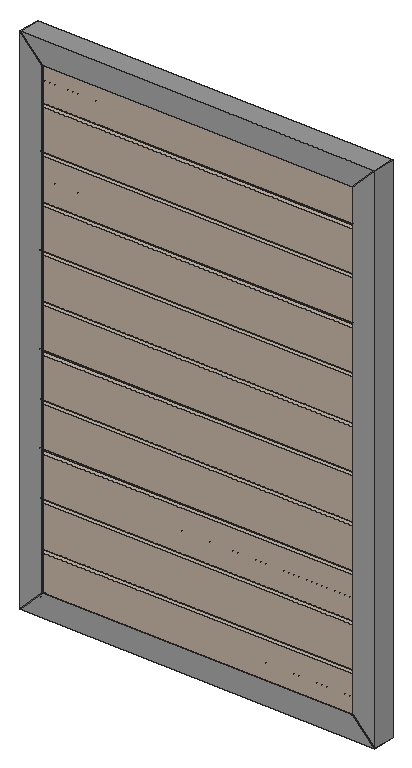
Revit family "TandG_Aluminum_Plank_Solid_Panel", category Specialty Equipment, Revit 2024
Family settings
  Round Connector Dimension = Use Diameter
  Part Type = Normal
  OmniClass Number = 23.55.00.00
  OmniClass Title = Manufactured Structures
  Work Plane-Based = No
  Enable Cutting in Views = No
  Always vertical = No
  Cut with Voids When Loaded = No
  Maintain Annotation Orientation = No
  Shared = No
  Room Calculation Point = No
Parameters (values of type "Assembly")
  Width [instance] = if(Desired Overall Width < C Min Width, C Min Width, if(Desired Overall Width > C Max Width, C Max Width, Desired Overall Width))  # 4' - 0"
  Warranty URL = "https://palmshieldlouvers.com/wp-content/uploads/2020/01/PalmSHIELD-Warranty-NO-SIGN-LINE.pdf"
  Version = "2020 - v1.0a"  # constant formula
  URL = "https://palmshieldlouvers.com/"
  Product Page URL = "https://palmshieldlouvers.com/products/augustus-solid/"
  Product Documentation Link = "https://palmshieldlouvers.com/wp-content/uploads/2020/05/PalmSHIELD-Solid-Composite-Technical-Data-Sheet.pdf"
  Offset From Surface = 0' - 2"  # constant formula
  Model = "Augustus - Aluminum"  # constant formula
  Material = Metal - PalmSHIELD - Dusty Grey
  Manufacturer Phone Number = "531-329-4406 "  # constant formula
  Manufacturer Email = "mailto: info@palmshieldlouvers.com"
  Manufacturer Address = "12330 Cary Circle, La Vista, NE 68128"  # constant formula
  Manufacturer = "PalmSHIELD"  # constant formula
  Louver Finish = Metal - PalmSHIELD - Grey Beige
  Keynote = "05 10 00"
  Instruction Sheet Link = "https://palmshieldlouvers.com/wp-content/uploads/2020/01/PalmSHIELD-Post-Panel-Gate-Installation-Instructions-REV-1.pdf"
  ID [instance] = "Not Assigned"
  Height [instance] = if(Desired Overall Height < C Min Height, C Min Height, if(Desired Overall Height > C Max Height, C Max Height, Desired Overall Height))  # 6' - 0"
  Desired Overall Width [instance] = 4' - 0"
  Desired Overall Height [instance] = 6' - 0"
  Desired Bottom Angle [instance] = 0.00°
  Description = "Augustus - Aluminum - Panel Assembly"  # constant formula
  Default Elevation = 0' - 0"
  Copyright = "Copyright ©2024 The American Fence Company and PalmSHIELD. All Rights Reserved."  # constant formula
  Component Vis [instance] = yes
  Component Name [instance] = "Augustus - Aluminum - Panel Assembly"  # constant formula
  C Min Width [instance] = 4' - 0"  # constant formula
  C Min Height [instance] = C Min Width  # 4' - 0"
  C Max Width [instance] = 6' - 0"  # constant formula
  C Max Height [instance] = 8' - 0"  # constant formula
  C Angle [instance] = if(Desired Bottom Angle > 10.00°, 10.00°, if(Desired Bottom Angle < -10.00°, -10.00°, Desired Bottom Angle))  # 0.00°
  Assembly Code = "F1020100"
Reference planes (in)
  plane 1 "Center (Front/Back)": y = 0
  plane 2: z = 0
  plane 3 "Center (Left/Right)": x = 0
  plane 4: z = 72
  plane 5: x = 48
  plane 6: y = 3
  plane 7: y = 1.5
Lines and regions (in)
  reference lines
    curve 1: line (48, 0, 96.95698) -> (48, 0, -11)
    curve 2: line (-20.8931, 0, 72) -> (71.1069, 0, 72)
Dimensions and locks (in)
  "Desired Overall Height": curve 2 to level
  "Desired Overall Width": curve 1 to plane 3 "Center (Left/Right)"
  "Height": plane 4 to level
  "Width": plane 5 to plane 3 "Center (Left/Right)"
  equal spacing: plane 1 "Center (Front/Back)", plane 7, plane 6
  aligned and locked: plane 2 to level
Automatic sketch dimensions
  curve 2 to plane 3 "Center (Left/Right)" = 1' - 8.8931"
  plane 5 to curve 2 = 1' - 11.1069"
  curve 1 to level = 0' - 11"
  plane 4 to curve 1 = 2' - 0.95698"
Nested families (in)
  nested 1: "Screening-Louver-Assembly-Panel-Palmshield-Augustus-Aluminum" at (0, 0, 0), Desired Overall Height <- "Desired Overall Height", Desired Overall Width <- "Desired Overall Width", ID <- "ID", Height <- "Height", Width <- "Width", Component Vis <- "Component Vis", type "Assembly"
    with Width 4' - 0", Louver Length 3' - 7", ID "Not Assigned", Height 6' - 0", Desired Overall Width 4' - 0", Desired Overall Height 6' - 0", Desired Bottom Angle 0.00°, Component Vis yes, Component Name "Augustus - Aluminum - Panel Assembly", C Top Post Length 4' - 0", C Straight Corner Angle 45.00°, C Slope Angle Neg 0.00°, C Slope Angle 0.00°, C Side Frame Width 0' - 3", C Side Adjustment 0' - 0", C Rib Thickness Bottom Offset 0' - 0 1/4", C Rib Bottom Side Offset 0' - 0", C Louver Offset 0' - 2", C Louver Count 11, C Infill Angle Width Right 0' - 0", C Infill Angle Width Left 0' - 1", C Infill Angle Offset 0' - 0 1/4", C Hip 4' - 0", C Frame Offset 0' - 2 1/2", C Corner Offset 0' - 0", C B-Side Post Length 6' - 0", C B-Side Angle 45.00°, C Angle 90.00°, C A-Side Post Length 6' - 0", C A-Side Angle 45.00°
  nested 2: "Nested-L_Frame-Palmshield-Augustus" at (0, 0, 72) x (0, 1, 0) z (1, 0, 0), type "ALUM L 3" X 3" X 1/4""
    with Material Metal - PalmSHIELD - Dusty Grey, Length 5' - 10", ID "Not Assigned", Component Name "Augustus - Aluminum - L Frame", B-Side Cut Angle 45.00°, A-Side Cut Angle 45.00°
  nested 3: "Nested-L_Frame-Palmshield-Augustus" at (48, 0, 2) x (0, 1, 0) z (-1, 0, 0), type "ALUM L 3" X 3" X 1/4""
    with Material Metal - PalmSHIELD - Dusty Grey, Length 5' - 10", ID "Not Assigned", Component Name "Augustus - Aluminum - L Frame", B-Side Cut Angle 45.00°, A-Side Cut Angle 45.00°
  nested 4: "Nested-L_Frame-Palmshield-Augustus" at (48, 0, 72) x (0, 1, 0) z (0, 0, -1), type "ALUM L 3" X 3" X 1/4""
    with Material Metal - PalmSHIELD - Dusty Grey, Length 4' - 0", ID "Not Assigned", Component Name "Augustus - Aluminum - L Frame", B-Side Cut Angle 45.00°, A-Side Cut Angle 45.00°
  nested 5: "Nested-L_Frame-Palmshield-Augustus" at (0, 0, 2) x (0, 1, 0) z (0, 0, 1), type "ALUM L 3" X 3" X 1/4""
    with Material Metal - PalmSHIELD - Dusty Grey, Length 4' - 0", ID "Not Assigned", Component Name "Augustus - Aluminum - L Frame", B-Side Cut Angle 45.00°, A-Side Cut Angle 45.00°
  nested 6: "Nested-Louvers-Palmshield-Augustus-Aluminum" at (2.5, 1.188, 10.25) x (0, -1, 0) z (1, 0, 0), type "6" TONGUE AND GROOVE INFILL SLATS"
    with Material Metal - PalmSHIELD - Grey Beige, Length 3' - 7", ID "Not Assigned", Component Name "Augustus - Aluminum - Infill Slat"
  nested 7: "Nested-Louvers-Palmshield-Augustus-Aluminum" at (2.5, 1.188, 28.25) x (0, -1, 0) z (1, 0, 0), type "6" TONGUE AND GROOVE INFILL SLATS"
    with Material Metal - PalmSHIELD - Grey Beige, Length 3' - 7", ID "Not Assigned", Component Name "Augustus - Aluminum - Infill Slat"
  nested 8: "Nested-Louvers-Palmshield-Augustus-Aluminum" at (2.5, 1.188, 34.25) x (0, -1, 0) z (1, 0, 0), type "6" TONGUE AND GROOVE INFILL SLATS"
    with Material Metal - PalmSHIELD - Grey Beige, Length 3' - 7", ID "Not Assigned", Component Name "Augustus - Aluminum - Infill Slat"
  nested 9: "Nested-Louvers-Palmshield-Augustus-Aluminum" at (2.5, 1.188, 40.25) x (0, -1, 0) z (1, 0, 0), type "6" TONGUE AND GROOVE INFILL SLATS"
    with Material Metal - PalmSHIELD - Grey Beige, Length 3' - 7", ID "Not Assigned", Component Name "Augustus - Aluminum - Infill Slat"
  nested 10: "Nested-Louvers-Palmshield-Augustus-Aluminum" at (2.5, 1.188, 46.25) x (0, -1, 0) z (1, 0, 0), type "6" TONGUE AND GROOVE INFILL SLATS"
    with Material Metal - PalmSHIELD - Grey Beige, Length 3' - 7", ID "Not Assigned", Component Name "Augustus - Aluminum - Infill Slat"
  nested 11: "Nested-Louvers-Palmshield-Augustus-Aluminum" at (2.5, 1.188, 52.25) x (0, -1, 0) z (1, 0, 0), type "6" TONGUE AND GROOVE INFILL SLATS"
    with Material Metal - PalmSHIELD - Grey Beige, Length 3' - 7", ID "Not Assigned", Component Name "Augustus - Aluminum - Infill Slat"
  nested 12: "Nested-Louvers-Palmshield-Augustus-Aluminum" at (2.5, 1.188, 58.25) x (0, -1, 0) z (1, 0, 0), type "6" TONGUE AND GROOVE INFILL SLATS"
    with Material Metal - PalmSHIELD - Grey Beige, Length 3' - 7", ID "Not Assigned", Component Name "Augustus - Aluminum - Infill Slat"
  nested 13: "Nested-Louvers-Palmshield-Augustus-Aluminum" at (2.5, 1.188, 64.25) x (0, -1, 0) z (1, 0, 0), type "6" TONGUE AND GROOVE INFILL SLATS"
    with Material Metal - PalmSHIELD - Grey Beige, Length 3' - 7", ID "Not Assigned", Component Name "Augustus - Aluminum - Infill Slat"
  nested 14: "Nested-Louvers-Palmshield-Augustus-Aluminum" at (2.5, 1.188, 70.25) x (0, -1, 0) z (1, 0, 0), type "6" TONGUE AND GROOVE INFILL SLATS"
    with Material Metal - PalmSHIELD - Grey Beige, Length 3' - 7", ID "Not Assigned", Component Name "Augustus - Aluminum - Infill Slat"
  nested 15: "Nested-Louvers-Palmshield-Augustus-Aluminum" at (2.5, 1.188, 16.25) x (0, -1, 0) z (1, 0, 0), type "6" TONGUE AND GROOVE INFILL SLATS"
    with Material Metal - PalmSHIELD - Grey Beige, Length 3' - 7", ID "Not Assigned", Component Name "Augustus - Aluminum - Infill Slat"
  nested 16: "Nested-Louvers-Palmshield-Augustus-Aluminum" at (2.5, 1.188, 22.25) x (0, -1, 0) z (1, 0, 0), type "6" TONGUE AND GROOVE INFILL SLATS"
    with Material Metal - PalmSHIELD - Grey Beige, Length 3' - 7", ID "Not Assigned", Component Name "Augustus - Aluminum - Infill Slat"
Definition of nested family "Nested-L_Frame-Palmshield-Augustus"
  Parameters (values of type "ALUM L 3" X 3" X 1/4"")
    Width = 0' - 3"  # constant formula
    Warranty URL = "https://palmshieldlouvers.com/wp-content/uploads/2020/01/PalmSHIELD-Warranty-NO-SIGN-LINE.pdf"
    Version = "2020 - v1.0a"  # constant formula
    URL = "https://palmshieldlouvers.com/"
    Thickness = 0' - 0 1/4"  # constant formula
    Product Page URL = "https://palmshieldlouvers.com/products/semi-private-screening/"
    Product Documentation Link = "Contact Manufacturer for More Information"
    Model = "Augustus"  # constant formula
    Material [instance] = none
    Manufacturer Phone Number = "531-329-4406 "  # constant formula
    Manufacturer Fax Number = "Consult Manufacturer Website for More Information"  # constant formula
    Manufacturer Email = "mailto: info@palmshieldlouvers.com"
    Manufacturer Address = "12330 Cary Circle, La Vista, NE 68128"  # constant formula
    Manufacturer = "PalmSHIELD"  # constant formula
    Length [instance] = 4' - 4.86713"
    Keynote = "05 10 00"
    Instruction Sheet Link = "Contact Manufacturer for More Information"
    ID [instance] = ""
    Description = "Augustus - L Frame"  # constant formula
    Default Elevation = 4' - 0"
    Copyright = "Copyright ©2024 The American Fence Company and PalmSHIELD. All Rights Reserved."  # constant formula
    Component Name [instance] = "Augustus - Aluminum - L Frame"  # constant formula
    C Hole Offset = 0' - 1 1/2"  # constant formula
    B-Side Cut Angle [instance] = 45.00°
    Assembly Code = "F1020100"
    A-Side Cut Angle [instance] = 45.00°
  Reference planes (in)
    plane 1 "Center (Front/Back)": y = 0
    plane 2: z = 0
    plane 3 "Center (Left/Right)": x = 0
    plane 4: x = 3
    plane 5: y = -52.86713
    plane 6: z = 3
  Forms (in)
    Extrusion 1, solid
      sketch origin (0, 0, 0) x (1, 0, 0) y (0, 1, 0)
        loop
          line (-48, 48) -> (-48, -48) -> (48, -48) -> (48, 48) -> (-48, 48)
      from 0 to -12
    Sweep 2, solid, material <- "Material"
      path origin (0, 0, 0) x (0, 1, 0) y (0, 0, 1)
        loop
          line (0, 0) -> (-52.86713, 0)
      profile "Profile-Palmshield-L : AL L3" X 3" X 1/4" - 6061-T6" origin (0, -26.43357, 0) x (0, 0, -1) y (1, 0, 0)
        loop
          line (-0.3125, 0.25) -> (-2.875, 0.25)
          arc (-2.875, 0.25) -> (-2.96339, 0.21339) -> (-3, 0.125) r 0.125
          line (-3, 0.125) -> (-3, 0) -> (0, 0) -> (0, 3) -> (-0.125, 3)
          arc (-0.125, 3) -> (-0.21339, 2.96339) -> (-0.25, 2.875) r 0.125
          line (-0.25, 2.875) -> (-0.25, 0.3125)
          arc (-0.25, 0.3125) -> (-0.26831, 0.26831) -> (-0.3125, 0.25) r 0.0625
    Extrusion 3, void
      sketch origin (0, 0, 0) x (0, 1, 0) y (0, 0, 1)
        loop
          line (-3, 3) -> (0, 0) -> (4.7449, 0) -> (4.7449, 3) -> (-3, 3)
        loop
          line (-57.61203, 3) -> (-57.61203, 0) -> (-52.86713, 0) -> (-49.86713, 3) -> (-57.61203, 3)
      from 0 to 3
  Cuts and joins
    Extrusion 3 cuts Sweep 2
  Dimensions and locks (in)
    "Width": plane 3 "Center (Left/Right)" to plane 4
    "Length": plane 1 "Center (Front/Back)" to plane 5
    "Width": plane 6 to plane 2
    locked: Extrusion 3 sketch curve to plane 1 "Center (Front/Back)" at 4.7449
    locked: plane 5 to Extrusion 3 sketch curve at 4.7449
    "B-Side Cut Angle": angle Extrusion 3 sketch curve to plane 1 "Center (Front/Back)"
    "A-Side Cut Angle": angle plane 5 to Extrusion 3 sketch curve
    aligned and locked: plane 2 to Extrusion 1
    aligned and locked: level to Extrusion 1
    aligned and locked: plane 1 "Center (Front/Back)" to Sweep 2 sketch curve
    aligned and locked: plane 5 to Sweep 2 sketch curve
    aligned and locked: Extrusion 3 sketch curve to plane 6
    aligned and locked: level to Extrusion 3 sketch curve
    aligned and locked: plane 6 to Extrusion 3 sketch curve
    aligned and locked: Extrusion 3 sketch curve to plane 2
    aligned and locked: plane 1 "Center (Front/Back)" to Extrusion 3 sketch curve
    aligned and locked: plane 2 to Extrusion 3 sketch curve
    aligned and locked: plane 5 to Extrusion 3 sketch curve
    aligned and locked: Extrusion 3 to plane 3 "Center (Left/Right)"
    aligned and locked: Extrusion 3 to plane 4
  Automatic sketch dimensions
    Extrusion 1 sketch curve to Extrusion 1 sketch curve = 8' - 0"  (x2)
    Sweep 2 sketch curve to level = 0' - 0"
Definition of nested family "Nested-Louvers-Palmshield-Augustus-Aluminum"
  Parameters (values of type "6" TONGUE AND GROOVE INFILL SLATS")
    Width = 0' - 6 1/2"  # constant formula
    Warranty URL = "https://palmshieldlouvers.com/wp-content/uploads/2020/01/PalmSHIELD-Warranty-NO-SIGN-LINE.pdf"
    Version = "2020 - v1.0a"  # constant formula
    URL = "https://palmshieldlouvers.com/"
    Thickness = 0' - 0 15/16"  # constant formula
    Product Page URL = "Contact Manufacturer for More Information"
    Product Documentation Link = "Contact Manufacturer for More Information"
    Model = "Augustus - Vinyl"  # constant formula
    Material [instance] = none
    Manufacturer Phone Number = "531-329-4406 "  # constant formula
    Manufacturer Fax Number = "Consult Manufacturer Website for More Information"  # constant formula
    Manufacturer Email = "mailto: info@palmshieldlouvers.com"
    Manufacturer Address = "12330 Cary Circle, La Vista, NE 68128"  # constant formula
    Manufacturer = "PalmSHIELD"  # constant formula
    Length [instance] = 4' - 4.86713"
    Keynote = "05 10 00"
    ID [instance] = ""
    Description = "Augustus - Aluminum - Infill Slat"  # constant formula
    Default Elevation = 4' - 0"
    Copyright = "©2023 The American Fence Company and PalmSHIELD. All Rights Reserved."  # constant formula
    Component Name [instance] = "Augustus - Aluminum - Infill Slat"  # constant formula
    Assembly Code = "F1020100"
  Reference planes (in)
    plane 1 "Center (Front/Back)": y = 0
    plane 2: z = 0
    plane 3 "Center (Left/Right)": x = 0
    plane 4: z = 52.86713
    plane 5: y = 6.5
  Forms (in)
    Extrusion 1, solid
      sketch origin (0, 0, 0) x (1, 0, 0) y (0, 1, 0)
        loop
          line (-48, 48) -> (-48, -48) -> (48, -48) -> (48, 48) -> (-48, 48)
      from 0 to -12
    Sweep 2, solid, material <- "Material"
      path origin (0, 0, 0) x (0, 1, 0) y (0, 0, 1)
        loop
          line (0, 0) -> (0, 52.86713)
      profile "Profile-Palmshield-Louver : LOUVERS TYP. - 6063-T6" origin (0, 0, 26.43357) x (0, -1, 0) y (1, 0, 0)
        loop
          line (-3.28125, 0.8755) -> (-5.97411, 0.8755) -> (-6.1875, 0.66211) -> (-6.1875, 0.5315) -> (-5.9375, 0.5315) -> (-5.9375, 0.2815) -> (-6.19311, 0.2815) -> (-5.97411, 0.0625) -> (-3.28125, 0.0625) -> (-3.28125, 0.8755)
        loop
          line (-0.5625, 0.6565) -> (-0.30689, 0.6565) -> (-0.52589, 0.8755) -> (-3.21875, 0.8755) -> (-3.21875, 0.0625) -> (-0.52589, 0.0625) -> (-0.3125, 0.27589) -> (-0.3125, 0.4065) -> (-0.5625, 0.4065) -> (-0.5625, 0.6565)
        loop
          line (-6.25, 0.25) -> (-6, 0) -> (-3.25, 0) -> (-0.5, 0) -> (-0.25, 0.25) -> (-0.25, 0.344) -> (0, 0.344) -> (0, 0.469) -> (-0.5, 0.469) -> (-0.5, 0.594) -> (-0.25, 0.594) -> (-0.25, 0.688) -> (-0.5, 0.938) -> (-3.25, 0.938) -> (-6, 0.938) -> (-6.25, 0.688) -> (-6.25, 0.594) -> (-6.5, 0.594) -> (-6.5, 0.469) -> (-6, 0.469) -> (-6, 0.344) -> (-6.25, 0.344) -> (-6.25, 0.25)
  Dimensions and locks (in)
    "Length": plane 4 to plane 2
    "Width": plane 5 to plane 1 "Center (Front/Back)"
    aligned and locked: plane 2 to Extrusion 1
    aligned and locked: level to Extrusion 1
    aligned and locked: plane 1 "Center (Front/Back)" to Sweep 2 sketch curve
    aligned and locked: plane 4 to Sweep 2 sketch curve
  Automatic sketch dimensions
    Extrusion 1 sketch curve to Extrusion 1 sketch curve = 8' - 0"  (x2)
    Sweep 2 sketch curve to level = 0' - 0"
Definition of nested family "Screening-Louver-Assembly-Panel-Palmshield-Augustus-Aluminum"
  Parameters (values of type "Assembly")
    Width [instance] = if(Desired Overall Width < 3' 0", 3' 0", if(Desired Overall Width > 6' 0", 6' 0", Desired Overall Width))  # 4' - 0"
    Warranty URL = "https://palmshieldlouvers.com/wp-content/uploads/2020/01/PalmSHIELD-Warranty-NO-SIGN-LINE.pdf"
    Version = "2020 - v1.0a"  # constant formula
    URL = "https://palmshieldlouvers.com/"
    Offset From Surface = 0' - 2"  # constant formula
    Material = none
    Louver Separation = 0' - 0"  # constant formula
    Product Page URL = "https://palmshieldlouvers.com/products/augustus-solid/"
    Product Documentation Link = "https://palmshieldlouvers.com/wp-content/uploads/2020/05/PalmSHIELD-Solid-Composite-Technical-Data-Sheet.pdf"
    Model = "Augustus - Aluminum - Post Assembly"  # constant formula
    Manufacturer Phone Number = "531-329-4406 "  # constant formula
    Manufacturer Fax Number = "Consult Manufacturer Website for More Information"  # constant formula
    Manufacturer Email = "mailto: info@palmshieldlouvers.com"
    Manufacturer Address = "12330 Cary Circle, La Vista, NE 68128"  # constant formula
    Manufacturer = "PalmSHIELD"  # constant formula
    Louver Length [instance] = Width - 2 * C Frame Offset  # 3' - 7"
    Louver Finish = none
    Keynote = "05 10 00"
    Instruction Sheet Link = "https://palmshieldlouvers.com/wp-content/uploads/2020/01/PalmSHIELD-Post-Panel-Gate-Installation-Instructions-REV-1.pdf"
    ID [instance] = "Not Assigned"
    Height [instance] = if(Desired Overall Height < 3' 0", 3' 0", if(Desired Overall Height > 8' 0", 8' 0", Desired Overall Height))  # 6' - 7 3/16"
    Frame Width = 0' - 3"  # constant formula
    Frame Thickness = 0' - 0 1/4"  # constant formula
    Desired Overall Width [instance] = 4' - 0"
    Desired Overall Height [instance] = 6' - 7 3/16"
    Description = "Augustus - Aluminum - Panel Assembly"  # constant formula
    Default Elevation = 0' - 0"
    Copyright = "Copyright ©2024 The American Fence Company and PalmSHIELD. All Rights Reserved."  # constant formula
    Component Vis [instance] = yes
    Component Name [instance] = "Augustus - Aluminum - Panel Assembly"  # constant formula
    C Top Post Length [instance] = Width  # 4' - 0"
    C Straight Corner Angle [instance] = 45.00°  # constant formula
    C Slope Angle Neg [instance] = -1 * C Slope Angle  # 0.00°
    C Slope Angle [instance] = if(Desired Bottom Angle < -25.00°, 25.00°, if(Desired Bottom Angle > 25.00°, 25.00°, Desired Bottom Angle))  # 0.00°
    C Side Frame Width [instance] = Frame Width  # 0' - 3"
    C Rib Thickness Bottom Offset [instance] = Frame Thickness * cos(C Slope Angle)  # 0' - 0 1/4"
    C Rib Bottom Side Offset [instance] = if(C Slope Angle < 0.00°, -Frame Thickness * sin(C Slope Angle), Frame Thickness * sin(C Slope Angle))  # 0' - 0"
    C Louver Separation = 0' - 1 1/2"  # constant formula
    C Louver Overlap = 0' - 0 1/2"  # constant formula
    C Louver Offset [instance] = if(C Slope Angle > 0.00°, C Louver Overlap, (Height - Offset From Surface - (C Louver Count * C Louver Height)) / 2)  # 0' - 2 19/32"
    C Louver Height = 0' - 6"  # constant formula
    C Louver Count [instance] = if(C Slope Angle > 0.00°, rounddown((Height - Offset From Surface - 2 * C Louver Overlap - C Corner Offset) / (C Louver Height)), rounddown((Height - Offset From Surface - 2 * C Louver Overlap) / (C Louver Height)))  # 12
    C Infill Retainer Back Offset = 0' - 1 3/8"  # constant formula
    C Infill Angle Width Right [instance] = if(C Slope Angle > 0.00°, C Infill Angle Width, 0' 0")  # 0' - 0"
    C Infill Angle Width Left [instance] = if(C Infill Angle Width Right = 0' 0", C Infill Angle Width, 0' 0")  # 0' - 1"
    C Infill Angle Width = 0' - 1"  # constant formula
    C Infill Angle Offset Side = Frame Thickness  # 0' - 0 1/4"
    C Infill Angle Offset [instance] = (Frame Thickness * sin(C Slope Angle) * tan(C Slope Angle)) + (Frame Thickness * cos(C Slope Angle))  # 0' - 0 1/4"
    C Hip [instance] = Width / cos(C Slope Angle)  # 4' - 0"
    C Side Adjustment [instance] = -C Hip * sin(C Slope Angle)  # 0' - 0"
    C Frame Offset [instance] = C Side Frame Width - 0' 0 1/2"  # 0' - 2 1/2"
    C Corner Offset [instance] = if(C Slope Angle > 0.00°, (Width / cos(C Slope Angle)) * sin(C Slope Angle), 0' 0")  # 0' - 0"
    C B-Side Post Length [instance] = Height + C Side Adjustment  # 6' - 7 3/16"
    C B-Side Angle [instance] = (90.00° - C Slope Angle) / 2  # 45.00°
    C Angle [instance] = if(C Slope Angle < -25.00°, 90.00° - 25.00°, if(C Slope Angle > 25.00°, 90.00° + 25.00°, 90.00° - C Slope Angle))  # 90.00°
    Desired Bottom Angle [instance] = 0.00°
    C A-Side Post Length [instance] = Height  # 6' - 7 3/16"
    C A-Side Angle [instance] = (90.00° + C Slope Angle) / 2  # 45.00°
    Assembly Code = "F1020100"
  Reference planes (in)
    plane 1 "Center (Front/Back)": y = 0
    plane 2: z = 0
    plane 3 "Center (Left/Right)": x = 0
    plane 4 "Top": z = 79.1875
    plane 5 "Side B": x = 48
    plane 6: z = 2
    plane 7: x = 0.25
    plane 8: x = 47.75
    plane 9: y = 0.25
    plane 10: y = 3
    plane 11: z = 78.9375
    plane 12: z = 2.25
    plane 13: x = 0
    plane 14: x = 2.5
    plane 15: x = 45.5
    plane 16: x = 0.25
    plane 17: x = 47.75
    plane 18: x = 47.75
    plane 19: x = 1.25
    plane 20: y = 1.625
    plane 21: z = 2
    plane 22: z = 4.59375
    plane 23: z = 76.59375
    plane 24: z = 70.59375
  Forms (in)
    Extrusion 1, solid
      sketch origin (0, 0, 0) x (1, 0, 0) y (0, 1, 0)
        loop
          line (-48, 48) -> (-48, -48) -> (88.86286, -48) -> (88.86286, 48) -> (-48, 48)
      from 0 to -12
  Lines and regions (in)
    reference lines
      curve 1: line (0, 0, 2) -> (84, 0, 2)
      curve 2: line (-20.50465, 0, 0.08297) -> (48, 0, 0.08297)
      curve 3: line (-35.89001, 0, 79.1875) -> (82.91871, 0, 79.1875)
      curve 4: line (48, 0, 95.71526) -> (48, 0, 1.9497)
      curve 5: line (47.75, 0, 2) -> (45.38409, 0, 2)
      curve 6: line (47.75, 0, 2.25) -> (45.38409, 0, 2.25)
      curve 7: line (45.38409, 0, 2) -> (45.38409, 0, 2.25)
      curve 8: line (1.25, 0, 2) -> (-0.33727, 0, 2)
      curve 9: line (1.25, 0, 2.25) -> (-0.33727, 0, 2.25)
      curve 10: line (-0.33727, 0, 2.25) -> (-0.33727, 0, 2)
      curve 11: line (48, 0, 2) -> (46, 0, 2)
  Dimensions and locks (in)
    "Width": plane 5 "Side B" to plane 3 "Center (Left/Right)"
    "Offset From Surface": plane 6 to Extrusion 1
    "Frame Thickness": plane 7 to plane 3 "Center (Left/Right)"
    "Frame Thickness": plane 5 "Side B" to plane 8
    "Frame Thickness": plane 9 to plane 1 "Center (Front/Back)"
    plane 3 "Center (Left/Right)" to plane 5 "Side B" = 4' - 0"
    "Frame Thickness": plane 4 "Top" to plane 11
    "C Rib Thickness Bottom Offset": plane 12 to plane 6
    "C Rib Bottom Side Offset": plane 3 "Center (Left/Right)" to plane 13
    "Desired Overall Width": curve 4 to plane 3 "Center (Left/Right)"
    "C Frame Offset": plane 14 to plane 3 "Center (Left/Right)"
    equal spacing: curve 4, plane 15, plane 14
    "C Frame Offset": plane 5 "Side B" to plane 15
    "C Infill Angle Offset Side": plane 16 to plane 3 "Center (Left/Right)"
    "C Infill Angle Offset Side": plane 5 "Side B" to plane 17
    "C Infill Angle Offset": curve 6 to curve 5
    "C Infill Angle Width Right": plane 17 to plane 18
    locked: plane 18 to curve 7 at 2.36591
    "Frame Width": plane 10 to plane 1 "Center (Front/Back)"
    "C Infill Angle Width Left": plane 19 to plane 16
    "C Infill Angle Offset": curve 9 to curve 8
    "C Infill Retainer Back Offset": plane 10 to plane 20
    "C Corner Offset": plane 21 to plane 6
    "C Louver Offset": plane 22 to plane 21
    "C Louver Offset": plane 4 "Top" to plane 23
    locked: plane 16 to curve 10 at 0.58727
    "C Louver Height": plane 23 to plane 24
    equal spacing: group 1, group 2, group 3, group 4, group 5, group 6, group 7, group 8, group 9, group 10, group 11, group 12  (x2)
    equal spacing: group 12, group 11, group 10, group 9, group 8, group 7, group 6, group 5, group 4, group 3, group 2, group 1
    locked: plane 5 "Side B" to curve 11 at 2
    "Desired Overall Height": curve 3 to plane 2
    "Height": plane 4 "Top" to plane 2
    "C Angle": angle curve 1 to plane 3 "Center (Left/Right)"
    locked: plane 18 to curve 5 (angle 90.00°)
    locked: plane 5 "Side B" to curve 11 (angle 90.00°)
    aligned and locked: Extrusion 1 to plane 2
    aligned and locked: Extrusion 1 to level
    aligned and locked: plane 6 to curve 1
    aligned and locked: plane 3 "Center (Left/Right)" to curve 1
    aligned and locked: nested 1 to plane 1 "Center (Front/Back)"
    aligned and locked: nested 1 to plane 5 "Side B"
    aligned and locked: nested 1 to plane 3 "Center (Left/Right)"
    aligned and locked: nested 2 to plane 4 "Top"
    aligned and locked: nested 2 to plane 6
    aligned and locked: nested 2 to plane 1 "Center (Front/Back)"
    aligned and locked: plane 4 "Top" to nested 3
    aligned and locked: nested 3 to plane 1 "Center (Front/Back)"
    aligned and locked: nested 4 to plane 1 "Center (Front/Back)"
    aligned and locked: plane 18 to curve 5
    aligned and locked: plane 18 to curve 6
    aligned and locked: plane 19 to curve 8
    aligned and locked: plane 19 to curve 9
    aligned and locked: plane 23 to nested 5
    aligned and locked: plane 24 to nested 6
    aligned and locked: plane 5 "Side B" to curve 11
    aligned and locked: nested 3 to curve 11
    aligned and locked: plane 9 to nested 5
    aligned and locked: plane 9 to nested 6
  Automatic sketch dimensions
    Extrusion 1 sketch curve to Extrusion 1 sketch curve = 11' - 4.86286"
    Extrusion 1 sketch curve to Extrusion 1 sketch curve = 8' - 0"
    level to curve 2 = 0' - 0.08297"
    curve 2 to curve 8 = 1' - 8.16738"
    curve 3 to plane 3 "Center (Left/Right)" = 2' - 11.89001"
    plane 5 "Side B" to curve 3 = 2' - 10.91871"
    curve 4 to plane 6 = 0' - 0.0503"
    plane 4 "Top" to curve 4 = 1' - 4.52776"
  Nested families (in)
    nested 1: "Nested-L_Frame-Palmshield-Augustus" at (48, 0, 79.1875) x (0, 1, 0) z (0, 0, -1), ID <- "ID", Material <- "Material", A-Side Cut Angle <- "C Straight Corner Angle", B-Side Cut Angle <- "C Straight Corner Angle", visible <- "Component Vis", type "ALUM L 3" X 3" X 1/4""
      with Material none, Length 4' - 0", ID "Not Assigned", Component Name "Augustus - Aluminum - L Frame", B-Side Cut Angle 45.00°, A-Side Cut Angle 45.00°
    nested 2: "Nested-L_Frame-Palmshield-Augustus" at (0, 0, 79.1875) x (0, 1, 0) z (1, 0, 0), ID <- "ID", Material <- "Material", B-Side Cut Angle <- "C Straight Corner Angle", A-Side Cut Angle <- "C A-Side Angle", visible <- "Component Vis", type "ALUM L 3" X 3" X 1/4""
      with Material none, Length 6' - 5 3/16", ID "Not Assigned", Component Name "Augustus - Aluminum - L Frame", B-Side Cut Angle 45.00°, A-Side Cut Angle 45.00°
    nested 3: "Nested-L_Frame-Palmshield-Augustus" at (48, 0, 2) x (0, 1, 0) z (-1, 0, 0), ID <- "ID", Material <- "Material", B-Side Cut Angle <- "C B-Side Angle", A-Side Cut Angle <- "C Straight Corner Angle", visible <- "Component Vis", type "ALUM L 3" X 3" X 1/4""
      with Material none, Length 6' - 5 3/16", ID "Not Assigned", Component Name "Augustus - Aluminum - L Frame", B-Side Cut Angle 45.00°, A-Side Cut Angle 45.00°
    nested 4: "Nested-L_Frame-Palmshield-Augustus" at (0, 0, 2) x (0, 1, 0) z (0, 0, 1), Length <- "C Hip", ID <- "ID", Material <- "Material", A-Side Cut Angle <- "C B-Side Angle", B-Side Cut Angle <- "C A-Side Angle", visible <- "Component Vis", type "ALUM L 3" X 3" X 1/4""
      with Material none, Length 4' - 0", ID "Not Assigned", Component Name "Augustus - Aluminum - L Frame", B-Side Cut Angle 45.00°, A-Side Cut Angle 45.00°
    nested 5: "Nested-Louvers-Palmshield-Augustus-Aluminum" at (2.5, 1.188, 76.84375) x (0, -1, 0) z (1, 0, 0), Length <- "Louver Length", ID <- "ID", Material <- "Louver Finish", visible <- "Component Vis", type "6" TONGUE AND GROOVE INFILL SLATS"
      with Material none, Length 3' - 7", ID "Not Assigned", Component Name "Augustus - Aluminum - Infill Slat"
    nested 6: "Nested-Louvers-Palmshield-Augustus-Aluminum" at (2.5, 1.188, 70.84375) x (0, -1, 0) z (1, 0, 0), Length <- "Louver Length", ID <- "ID", Material <- "Louver Finish", visible <- "Component Vis", type "6" TONGUE AND GROOVE INFILL SLATS"
      with Material none, Length 3' - 7", ID "Not Assigned", Component Name "Augustus - Aluminum - Infill Slat"
    nested 7: "Nested-Louvers-Palmshield-Augustus-Aluminum" at (2.5, 1.188, 64.84375) x (0, -1, 0) z (1, 0, 0), Length <- "Louver Length", ID <- "ID", Material <- "Louver Finish", visible <- "Component Vis", type "6" TONGUE AND GROOVE INFILL SLATS"
      with Material none, Length 3' - 7", ID "Not Assigned", Component Name "Augustus - Aluminum - Infill Slat"
    nested 8: "Nested-Louvers-Palmshield-Augustus-Aluminum" at (2.5, 1.188, 58.84375) x (0, -1, 0) z (1, 0, 0), Length <- "Louver Length", ID <- "ID", Material <- "Louver Finish", visible <- "Component Vis", type "6" TONGUE AND GROOVE INFILL SLATS"
      with Material none, Length 3' - 7", ID "Not Assigned", Component Name "Augustus - Aluminum - Infill Slat"
    nested 9: "Nested-Louvers-Palmshield-Augustus-Aluminum" at (2.5, 1.188, 52.84375) x (0, -1, 0) z (1, 0, 0), Length <- "Louver Length", ID <- "ID", Material <- "Louver Finish", visible <- "Component Vis", type "6" TONGUE AND GROOVE INFILL SLATS"
      with Material none, Length 3' - 7", ID "Not Assigned", Component Name "Augustus - Aluminum - Infill Slat"
    nested 10: "Nested-Louvers-Palmshield-Augustus-Aluminum" at (2.5, 1.188, 46.84375) x (0, -1, 0) z (1, 0, 0), Length <- "Louver Length", ID <- "ID", Material <- "Louver Finish", visible <- "Component Vis", type "6" TONGUE AND GROOVE INFILL SLATS"
      with Material none, Length 3' - 7", ID "Not Assigned", Component Name "Augustus - Aluminum - Infill Slat"
    nested 11: "Nested-Louvers-Palmshield-Augustus-Aluminum" at (2.5, 1.188, 40.84375) x (0, -1, 0) z (1, 0, 0), Length <- "Louver Length", ID <- "ID", Material <- "Louver Finish", visible <- "Component Vis", type "6" TONGUE AND GROOVE INFILL SLATS"
      with Material none, Length 3' - 7", ID "Not Assigned", Component Name "Augustus - Aluminum - Infill Slat"
    nested 12: "Nested-Louvers-Palmshield-Augustus-Aluminum" at (2.5, 1.188, 34.84375) x (0, -1, 0) z (1, 0, 0), Length <- "Louver Length", ID <- "ID", Material <- "Louver Finish", visible <- "Component Vis", type "6" TONGUE AND GROOVE INFILL SLATS"
      with Material none, Length 3' - 7", ID "Not Assigned", Component Name "Augustus - Aluminum - Infill Slat"
    nested 13: "Nested-Louvers-Palmshield-Augustus-Aluminum" at (2.5, 1.188, 28.84375) x (0, -1, 0) z (1, 0, 0), Length <- "Louver Length", ID <- "ID", Material <- "Louver Finish", visible <- "Component Vis", type "6" TONGUE AND GROOVE INFILL SLATS"
      with Material none, Length 3' - 7", ID "Not Assigned", Component Name "Augustus - Aluminum - Infill Slat"
    nested 14: "Nested-Louvers-Palmshield-Augustus-Aluminum" at (2.5, 1.188, 22.84375) x (0, -1, 0) z (1, 0, 0), Length <- "Louver Length", ID <- "ID", Material <- "Louver Finish", visible <- "Component Vis", type "6" TONGUE AND GROOVE INFILL SLATS"
      with Material none, Length 3' - 7", ID "Not Assigned", Component Name "Augustus - Aluminum - Infill Slat"
    nested 15: "Nested-Louvers-Palmshield-Augustus-Aluminum" at (2.5, 1.188, 16.84375) x (0, -1, 0) z (1, 0, 0), Length <- "Louver Length", ID <- "ID", Material <- "Louver Finish", visible <- "Component Vis", type "6" TONGUE AND GROOVE INFILL SLATS"
      with Material none, Length 3' - 7", ID "Not Assigned", Component Name "Augustus - Aluminum - Infill Slat"
    nested 16: "Nested-Louvers-Palmshield-Augustus-Aluminum" at (2.5, 1.188, 10.84375) x (0, -1, 0) z (1, 0, 0), Length <- "Louver Length", ID <- "ID", Material <- "Louver Finish", visible <- "Component Vis", type "6" TONGUE AND GROOVE INFILL SLATS"
      with Material none, Length 3' - 7", ID "Not Assigned", Component Name "Augustus - Aluminum - Infill Slat"
  Definition of nested family "Nested-L_Frame-Palmshield-Augustus"
    Parameters (values of type "ALUM L 3" X 3" X 1/4"")
      Width = 0' - 3"  # constant formula
      Warranty URL = "https://palmshieldlouvers.com/wp-content/uploads/2020/01/PalmSHIELD-Warranty-NO-SIGN-LINE.pdf"
      Version = "2020 - v1.0a"  # constant formula
      URL = "https://palmshieldlouvers.com/"
      Thickness = 0' - 0 1/4"  # constant formula
      Product Page URL = "https://palmshieldlouvers.com/products/semi-private-screening/"
      Product Documentation Link = "Contact Manufacturer for More Information"
      Model = "Augustus"  # constant formula
      Material [instance] = none
      Manufacturer Phone Number = "531-329-4406 "  # constant formula
      Manufacturer Fax Number = "Consult Manufacturer Website for More Information"  # constant formula
      Manufacturer Email = "mailto: info@palmshieldlouvers.com"
      Manufacturer Address = "12330 Cary Circle, La Vista, NE 68128"  # constant formula
      Manufacturer = "PalmSHIELD"  # constant formula
      Length [instance] = 4' - 4.86713"
      Keynote = "05 10 00"
      Instruction Sheet Link = "Contact Manufacturer for More Information"
      ID [instance] = ""
      Description = "Augustus - L Frame"  # constant formula
      Default Elevation = 4' - 0"
      Copyright = "Copyright ©2024 The American Fence Company and PalmSHIELD. All Rights Reserved."  # constant formula
      Component Name [instance] = "Augustus - Aluminum - L Frame"  # constant formula
      C Hole Offset = 0' - 1 1/2"  # constant formula
      B-Side Cut Angle [instance] = 45.00°
      Assembly Code = "F1020100"
      A-Side Cut Angle [instance] = 45.00°
    Reference planes (in)
      plane 1 "Center (Front/Back)": y = 0
      plane 2: z = 0
      plane 3 "Center (Left/Right)": x = 0
      plane 4: x = 3
      plane 5: y = -52.86713
      plane 6: z = 3
    Forms (in)
      Extrusion 1, solid
        sketch origin (0, 0, 0) x (1, 0, 0) y (0, 1, 0)
          loop
            line (-48, 48) -> (-48, -48) -> (48, -48) -> (48, 48) -> (-48, 48)
        from 0 to -12
      Sweep 2, solid, material <- "Material"
        path origin (0, 0, 0) x (0, 1, 0) y (0, 0, 1)
          loop
            line (0, 0) -> (-52.86713, 0)
        profile "Profile-Palmshield-L : AL L3" X 3" X 1/4" - 6061-T6" origin (0, -26.43357, 0) x (0, 0, -1) y (1, 0, 0)
          loop
            line (-0.3125, 0.25) -> (-2.875, 0.25)
            arc (-2.875, 0.25) -> (-2.96339, 0.21339) -> (-3, 0.125) r 0.125
            line (-3, 0.125) -> (-3, 0) -> (0, 0) -> (0, 3) -> (-0.125, 3)
            arc (-0.125, 3) -> (-0.21339, 2.96339) -> (-0.25, 2.875) r 0.125
            line (-0.25, 2.875) -> (-0.25, 0.3125)
            arc (-0.25, 0.3125) -> (-0.26831, 0.26831) -> (-0.3125, 0.25) r 0.0625
      Extrusion 3, void
        sketch origin (0, 0, 0) x (0, 1, 0) y (0, 0, 1)
          loop
            line (-3, 3) -> (0, 0) -> (4.7449, 0) -> (4.7449, 3) -> (-3, 3)
          loop
            line (-57.61203, 3) -> (-57.61203, 0) -> (-52.86713, 0) -> (-49.86713, 3) -> (-57.61203, 3)
        from 0 to 3
    Cuts and joins
      Extrusion 3 cuts Sweep 2
    Dimensions and locks (in)
      "Width": plane 3 "Center (Left/Right)" to plane 4
      "Length": plane 1 "Center (Front/Back)" to plane 5
      "Width": plane 6 to plane 2
      locked: Extrusion 3 sketch curve to plane 1 "Center (Front/Back)" at 4.7449
      locked: plane 5 to Extrusion 3 sketch curve at 4.7449
      "B-Side Cut Angle": angle Extrusion 3 sketch curve to plane 1 "Center (Front/Back)"
      "A-Side Cut Angle": angle plane 5 to Extrusion 3 sketch curve
      aligned and locked: plane 2 to Extrusion 1
      aligned and locked: level to Extrusion 1
      aligned and locked: plane 1 "Center (Front/Back)" to Sweep 2 sketch curve
      aligned and locked: plane 5 to Sweep 2 sketch curve
      aligned and locked: Extrusion 3 sketch curve to plane 6
      aligned and locked: level to Extrusion 3 sketch curve
      aligned and locked: plane 6 to Extrusion 3 sketch curve
      aligned and locked: Extrusion 3 sketch curve to plane 2
      aligned and locked: plane 1 "Center (Front/Back)" to Extrusion 3 sketch curve
      aligned and locked: plane 2 to Extrusion 3 sketch curve
      aligned and locked: plane 5 to Extrusion 3 sketch curve
      aligned and locked: Extrusion 3 to plane 3 "Center (Left/Right)"
      aligned and locked: Extrusion 3 to plane 4
    Automatic sketch dimensions
      Extrusion 1 sketch curve to Extrusion 1 sketch curve = 8' - 0"  (x2)
      Sweep 2 sketch curve to level = 0' - 0"
  Definition of nested family "Nested-Louvers-Palmshield-Augustus-Aluminum"
    Parameters (values of type "6" TONGUE AND GROOVE INFILL SLATS")
      Width = 0' - 6 1/2"  # constant formula
      Warranty URL = "https://palmshieldlouvers.com/wp-content/uploads/2020/01/PalmSHIELD-Warranty-NO-SIGN-LINE.pdf"
      Version = "2020 - v1.0a"  # constant formula
      URL = "https://palmshieldlouvers.com/"
      Thickness = 0' - 0 15/16"  # constant formula
      Product Page URL = "Contact Manufacturer for More Information"
      Product Documentation Link = "Contact Manufacturer for More Information"
      Model = "Augustus - Vinyl"  # constant formula
      Material [instance] = none
      Manufacturer Phone Number = "531-329-4406 "  # constant formula
      Manufacturer Fax Number = "Consult Manufacturer Website for More Information"  # constant formula
      Manufacturer Email = "mailto: info@palmshieldlouvers.com"
      Manufacturer Address = "12330 Cary Circle, La Vista, NE 68128"  # constant formula
      Manufacturer = "PalmSHIELD"  # constant formula
      Length [instance] = 4' - 4.86713"
      Keynote = "05 10 00"
      ID [instance] = ""
      Description = "Augustus - Aluminum - Infill Slat"  # constant formula
      Default Elevation = 4' - 0"
      Copyright = "©2023 The American Fence Company and PalmSHIELD. All Rights Reserved."  # constant formula
      Component Name [instance] = "Augustus - Aluminum - Infill Slat"  # constant formula
      Assembly Code = "F1020100"
    Reference planes (in)
      plane 1 "Center (Front/Back)": y = 0
      plane 2: z = 0
      plane 3 "Center (Left/Right)": x = 0
      plane 4: z = 52.86713
      plane 5: y = 6.5
    Forms (in)
      Extrusion 1, solid
        sketch origin (0, 0, 0) x (1, 0, 0) y (0, 1, 0)
          loop
            line (-48, 48) -> (-48, -48) -> (48, -48) -> (48, 48) -> (-48, 48)
        from 0 to -12
      Sweep 2, solid, material <- "Material"
        path origin (0, 0, 0) x (0, 1, 0) y (0, 0, 1)
          loop
            line (0, 0) -> (0, 52.86713)
        profile "Profile-Palmshield-Louver : LOUVERS TYP. - 6063-T6" origin (0, 0, 26.43357) x (0, -1, 0) y (1, 0, 0)
          loop
            line (-3.28125, 0.8755) -> (-5.97411, 0.8755) -> (-6.1875, 0.66211) -> (-6.1875, 0.5315) -> (-5.9375, 0.5315) -> (-5.9375, 0.2815) -> (-6.19311, 0.2815) -> (-5.97411, 0.0625) -> (-3.28125, 0.0625) -> (-3.28125, 0.8755)
          loop
            line (-0.5625, 0.6565) -> (-0.30689, 0.6565) -> (-0.52589, 0.8755) -> (-3.21875, 0.8755) -> (-3.21875, 0.0625) -> (-0.52589, 0.0625) -> (-0.3125, 0.27589) -> (-0.3125, 0.4065) -> (-0.5625, 0.4065) -> (-0.5625, 0.6565)
          loop
            line (-6.25, 0.25) -> (-6, 0) -> (-3.25, 0) -> (-0.5, 0) -> (-0.25, 0.25) -> (-0.25, 0.344) -> (0, 0.344) -> (0, 0.469) -> (-0.5, 0.469) -> (-0.5, 0.594) -> (-0.25, 0.594) -> (-0.25, 0.688) -> (-0.5, 0.938) -> (-3.25, 0.938) -> (-6, 0.938) -> (-6.25, 0.688) -> (-6.25, 0.594) -> (-6.5, 0.594) -> (-6.5, 0.469) -> (-6, 0.469) -> (-6, 0.344) -> (-6.25, 0.344) -> (-6.25, 0.25)
    Dimensions and locks (in)
      "Length": plane 4 to plane 2
      "Width": plane 5 to plane 1 "Center (Front/Back)"
      aligned and locked: plane 2 to Extrusion 1
      aligned and locked: level to Extrusion 1
      aligned and locked: plane 1 "Center (Front/Back)" to Sweep 2 sketch curve
      aligned and locked: plane 4 to Sweep 2 sketch curve
    Automatic sketch dimensions
      Extrusion 1 sketch curve to Extrusion 1 sketch curve = 8' - 0"  (x2)
      Sweep 2 sketch curve to level = 0' - 0"
